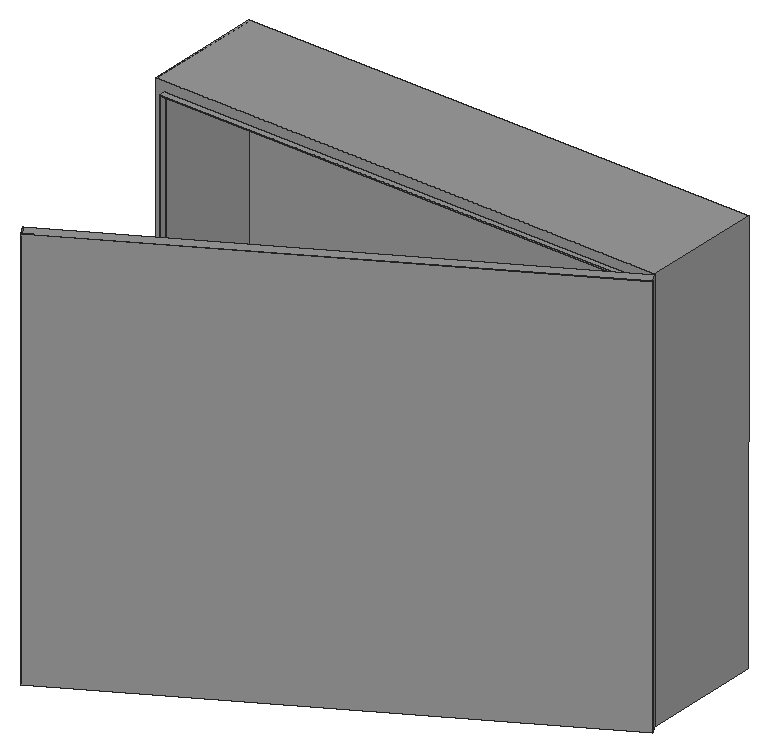
Revit family "Hager-Univers-IP44-D205-H650-Cl.I-Encl-NoHosted-CH-fr", category Electrical Equipment, Revit 2020
Family settings
  Panel Configuration = Two Columns, Circuits Across
  Round Connector Dimension = Use Diameter
  Part Type = Panelboard
  Work Plane-Based = Yes
  Always vertical = Yes
  Cut with Voids When Loaded = No
  Shared = No
  Room Calculation Point = No
Parameters (values of type "saillie IP44 L800 H650 P205  - FP43TN2")
  Width Control [instance] = if([EF000008 - largeur] > Min Width, [EF000008 - largeur], Min Width)  # 800 mm
  Type Comments = [HG000003 - Gamme]  # "Univers"
  Thickness Door [instance] = if([EF009171 - épaisseur de matériau de la porte/du couvercle] > 3 mm, 3 mm, [EF009171 - épaisseur de matériau de la porte/du couvercle])  # 1 mm
  Seal Frame Offset [instance] = 17 mm  # constant formula
  Plinth Visibility [instance] = [HG000027 - Hauteur du socle] > 0 mm  # no
  Min Width [instance] = 100 mm  # constant formula
  Min Depth [instance] = (2 * [EF009170 - épaisseur de matériau du boîtier]) + 1 mm  # 3 mm
  Min Height [instance] = 100 mm  # constant formula
  Internal Frame Depth [instance] = (Door System Depth * 0.5)  # 9 mm
  Panel Name [instance] = ""  # (empty or 0)
  Model = ""
  HG000027 - Hauteur du socle = 0 mm
  HG000026 - Installation au sol = no
  HG000024 - Hauteur de la section basse = 600 mm
  HG000023 - Armoire double section = no
  HG000016 - Visibilité de la porte 3D [instance] = yes
  HG000015 - Visibilité de l'emprise de la porte [instance] = no
  HG000014 - Porte à droite [instance] = yes
  HG000013 - Porte à gauche [instance] = not([HG000014 - Porte à droite])  # no
  HG000012 - Angle de pivotement de la porte [instance] = 30.00°
  HG000010 - Portes asymétriques = no
  HG000009 - Porte à double battant = no
  HG000006 - Encastré = no
  HG000004 - Référence fabricant = "FP43TN2"
  HG000003 - Gamme = "Univers"
  HG000002 - avec porte = yes
  Frame Offset Bottom [instance] = 10 mm  # constant formula
  Frame Offset [instance] = 15 mm  # constant formula
  EF015940 - couvercle avec décharge de pression = no
  EF011959 - degré de protection (NEMA) = ""
  EF009554 - nombre d'ouvertures pour plaques à bride = 6
  EF009212 - finition du couvercle = "EV000116 - fermé"
  EF009171 - épaisseur de matériau de la porte/du couvercle = 1 mm
  EF009170 - épaisseur de matériau du boîtier = 1 mm
  EF008873 - courant nominal (In) = 250 A
  EF007800 - adapté à un parafoudre = no
  EF006306 - avec serrure = no
  EF006244 - couvercle/porte transparent(e) = no
  EF005474 - indice de protection (IP) = "EV006418 - IP44"
  EF004464 - type de porte = "EV002646 - unique"
  EF004427 - nombre de modules = 144
  EF004293 - indice de protection contre les chocs (IK) = "EV006815 - IK09"
  EF003532 - convient pour utilisation à l’extérieur = no
  EF002950 - largeur en nombre de modules = 36
  EF001613 - maintien de fonction = "EV000494 - sans"
  EF001596 - matériau du boîtier/corps = "EV000179 - acier"
  EF001131 - profondeur intérieure = 205 mm
  EF001088 - possibilité de montage en saillie = yes
  EF000437 - nombre d'entrées de conduit = 6
  EF000339 - type de capot = "EV001012 - couvercle"
  EF000266 - nombre de rangées = 4
  EF000218 - profondeur d'encastrement = 205 mm
  EF000118 - avec cadre/support de montage = no
  EF000116 - numéro RAL = "9010"
  EF000049 - profondeur = 205 mm
  EF000040 - hauteur = 650 mm
  EF000008 - largeur = 800 mm
  EF000007 - couleur = "EV000202 - blanc"
  EF000003 - mode de pose = "EV000384 - saillie"
  Door System Leaf Tolerance [instance] = 1.5 mm  # constant formula
  Door System Depth [instance] = 18 mm  # constant formula
  Door Height [instance] = Height Control - [HG000027 - Hauteur du socle]  # 650 mm
  Description = ""
  Default Elevation = 1219.2 mm
  Connector Offset [instance] = Height Control / 2  # 325 mm
  Manufacturer = "Hager"  # constant formula
  Height Control [instance] = if([EF000040 - hauteur] > Min Height, [EF000040 - hauteur], Min Height)  # 650 mm
  Depth Control [instance] = if([EF000049 - profondeur] > Min Depth, [EF000049 - profondeur], Min Depth)  # 205 mm
  Bottom Top Plate Trim [instance] = 1.5 mm  # constant formula
  Plinth height Ctrl [instance] = if([HG000027 - Hauteur du socle] > 0 mm, [HG000027 - Hauteur du socle], 12 mm)  # 12 mm
Types (9, lengths in mm): name | Width Control | HG000010 - Portes asymétriques | HG000009 - Porte à double battant | HG000004 - Référence fabricant | EF009554 - nombre d'ouvertures pour plaques à bride | EF004464 - type de porte | EF004427 - nombre de modules | EF002950 - largeur en nombre de modules | EF000437 - nombre d'entrées de conduit | EF000218 - profondeur d'encastrement | EF000008 - largeur
  saillie IP44 L1050 H650 P205  - FP44QT | 1050 | no | no | "FP44QT" | 8 | "EV003602 - double" | 192 | 48 | 8 | 0 | 1050
  saillie IP44 L1050 H650 P205  - FP44TN2 | 1050 | no | yes | "FP44TN2" | 8 | "EV003602 - double" | 192 | 48 | 8 | 205 | 1050
  saillie IP44 L1300 H650 P205  - FP45TN2 | 1300 | yes | yes | "FP45TN2" | 10 | "EV003602 - double" | 240 | 60 | 10 | 205 | 1300
  saillie IP44 L300 H650 P205  - FP41QT | 300 | no | no | "FP41QT" | 2 | "EV002646 - unique" | 48 | 12 | 2 | 0 | 300
  saillie IP44 L300 H650 P205  - FP41TN2 | 300 | no | no | "FP41TN2" | 2 | "EV002646 - unique" | 48 | 12 | 2 | 205 | 300
  saillie IP44 L550 H650 P205  - FP42QT | 550 | no | no | "FP42QT" | 4 | "EV002646 - unique" | 96 | 24 | 4 | 0 | 550
  saillie IP44 L550 H650 P205  - FP42TN2 | 550 | no | no | "FP42TN2" | 4 | "EV002646 - unique" | 96 | 24 | 4 | 205 | 550
  saillie IP44 L800 H650 P205  - FP43QT | 800 | no | no | "FP43QT" | 6 | "EV002646 - unique" | 144 | 36 | 6 | 0 | 800
  saillie IP44 L800 H650 P205  - FP43TN2 | 800 | no | no | "FP43TN2" | 6 | "EV002646 - unique" | 144 | 36 | 6 | 205 | 800
Reference planes
  plane 1 "Center (Front/Back)": y = 0
  plane 2: z = 0
  plane 3 "Center (Left/Right)": x = 0
  plane 4: y = 0
  plane 5: y = 0
  plane 6: z = 0
  plane 7: x = -400
  plane 8: x = 400
  plane 9: x = 399
  plane 10: x = -399
  plane 11: z = 0
  plane 12: z = 1
  plane 13: y = -205
  plane 14: y = -1
  plane 15: x = 0
  plane 16: y = -187
  plane 17: y = -204
  plane 18: y = -186
  plane 19: x = -384
  plane 20: x = 384
  plane 21: z = 11
  plane 22: x = -383
  plane 23: x = 383
  plane 24: z = 0
  plane 25: z = 650
  plane 26: z = 650
  plane 27: z = 634
  plane 28: z = 649
Forms (mm)
  Extrusion 1, solid, material "Hager_Steel_RAL7035_Light_Grey", detail levels medium+fine
    sketch origin (-208.679, -4572, 0) x (-1, 0, 0) y (0, -1, 0)
      loop
        line (191.321, -4385) -> (-608.679, -4385) -> (-608.679, -4572) -> (191.321, -4572) -> (191.321, -4385)
    from 0 to 650
  Extrusion 2, void
    sketch origin (-350.771, -205, 1219.2) x (1, 0, 0) y (0, 0, 1)
      loop
        line (-48.229, -570.2) -> (-48.229, -1218.2) -> (749.771, -1218.2) -> (749.771, -570.2) -> (-48.229, -570.2)
    from -19 to -204
  Extrusion 3, void
    sketch origin (-290.084, -187, 1219.2) x (1, 0, 0) y (0, 0, 1)
      loop
        line (-93.916, -1208.2) -> (674.084, -1208.2) -> (674.084, -585.2) -> (-93.916, -585.2) -> (-93.916, -1208.2)
    from 0 to -1
  Extrusion 4, solid, material "Hager_Steel_RAL7035_Light_Grey", visible <- "Plinth Visibility", detail levels medium+fine
    sketch origin (0, 0, 0) x (1, 0, 0) y (0, 1, 0)
      loop
        line (-400, 0) -> (-400, -187) -> (400, -187) -> (400, 0) -> (-400, 0)
    from 0 to 12 <- "Plinth height Ctrl"
  Extrusion 5, solid, material "Hager_Steel_RAL7035_Light_Grey", detail levels coarse
    sketch origin (0, 0, 0) x (1, 0, 0) y (0, 1, 0)
      loop
        line (-400, 0) -> (-400, -205) -> (400, -205) -> (400, 0) -> (-400, 0)
    from 0 to 650 <- "Height Control"
  Sweep 6, void
    path in 3D
      loop
        line (-400, -187, 12) -> (400, -187, 12) -> (400, 0, 12) -> (-400, 0, 12) -> (-400, -187, 12)
    profile origin (-400, -93.5, 12) x (1, 0, 0) y (0, 0, 1)
      loop
        line (0, 0) -> (0, -1.5) -> (1.5, -1.5)
        arc (1.5, -1.5) -> (1.061, -0.439) -> (0, 0) r 1.5
  Extrusion 7, solid, material "Hager_Steel_RAL7035_Light_Grey", detail levels fine
    sketch origin (-400, -187, 0) x (1, 0, 0) y (0, 0, 1)
      loop
        line (16, 11) -> (784, 11) -> (784, 634) -> (16, 634) -> (16, 11)
      loop
        line (15, 10) -> (785, 10) -> (785, 635) -> (15, 635) -> (15, 10)
    from 0 to 9 <- "Internal Frame Depth"
Cuts and joins
  Extrusion 2, Extrusion 3 cuts Extrusion 1
  Sweep 6 cuts Extrusion 4
Lines and regions (mm)
  Masking region 1
    outline origin (0, 0, 0) x (1, 0, 0) y (0, 1, 0)
      loop
        line (-400, 0) -> (-400, -205) -> (400, -205) -> (400, 0) -> (-400, 0)
  Masking region 2, detail levels coarse
    outline origin (-290.084, -187, 1219.2) x (-1, 0, 0) y (0, 0, 1)
      loop
        line (-690.084, -1219.2) -> (109.916, -1219.2) -> (109.916, -569.2) -> (-690.084, -569.2) -> (-690.084, -1219.2)
  Masking region 3, detail levels coarse
    outline origin (0, 0, 0) x (0, 1, 0) y (0, 0, 1)
      loop
        line (0, 0) -> (0, 650) -> (-205, 650) -> (-205, 0) -> (0, 0)
  Masking region 4, visible <- "Plinth Visibility", detail levels medium+fine
    outline origin (0, 0, 0) x (0, 1, 0) y (0, 0, 1)
      loop
        line (-1.5, 12) -> (-185.5, 12)
        arc (-185.5, 12) -> (-185.939, 10.939) -> (-187, 10.5) r 1.5
        line (-187, 10.5) -> (-187, 0) -> (0, 0) -> (0, 10.5)
        arc (0, 10.5) -> (-1.061, 10.939) -> (-1.5, 12) r 1.5
  Masking region 5, detail levels medium+fine
    outline origin (0, 0, 594.038) x (0, 1, 0) y (0, 0, 1)
      loop
        line (0, -594.038) -> (0, 55.962) -> (-187, 55.962) -> (-187, -594.038) -> (0, -594.038)
  Masking region 6, detail levels medium+fine
    outline origin (-359.7, -187, 1211.883) x (-1, 0, 0) y (0, 0, 1)
      loop
        line (-759.7, -1211.883) -> (40.3, -1211.883) -> (40.3, -561.883) -> (-759.7, -561.883) -> (-759.7, -1211.883)
  Masking region 7, visible <- "Plinth Visibility", detail levels medium+fine
    outline origin (-320.334, -187, 1041.368) x (-1, 0, 0) y (0, 0, 1)
      loop
        line (-720.334, -1041.368) -> (79.666, -1041.368) -> (79.666, -1030.868)
        arc (79.666, -1030.868) -> (78.606, -1030.429) -> (78.166, -1029.368) r 1.5
        line (78.166, -1029.368) -> (-718.834, -1029.368)
        arc (-718.834, -1029.368) -> (-719.273, -1030.429) -> (-720.334, -1030.868) r 1.5
        line (-720.334, -1030.868) -> (-720.334, -1041.368)
  sketch lines
    curve 1: line (-400, 0, 12) -> (-400, -187, 12)
    curve 2: line (-400, -187, 12) -> (400, -187, 12)
    curve 3: line (400, 0, 12) -> (-400, 0, 12)
    curve 4: line (400, -187, 12) -> (400, 0, 12)
Dimensions and locks
  locked: plane 1 "Center (Front/Back)" to plane 5
  "EF009170 - épaisseur de matériau du boîtier": plane 7 to plane 10
  "EF009170 - épaisseur de matériau du boîtier": plane 8 to plane 9
  equal spacing: plane 7, plane 3 "Center (Left/Right)", plane 8
  "Width Control": plane 7 to plane 8
  "Depth Control": plane 4 to plane 13
  "EF009170 - épaisseur de matériau du boîtier": plane 4 to plane 14
  "Height Control": plane 25 to level
  "HG000027 - Hauteur du socle": plane 11 to level
  "EF009170 - épaisseur de matériau du boîtier": plane 12 to plane 11
  "EF009170 - épaisseur de matériau du boîtier": plane 17 to plane 13
  "EF009170 - épaisseur de matériau du boîtier": plane 18 to plane 16
  "Frame Offset Bottom": plane 21 to plane 12
  "Frame Offset": plane 10 to plane 19
  "Frame Offset": plane 9 to plane 20
  "Door System Depth": plane 16 to plane 13
  "Seal Frame Offset": plane 7 to plane 22
  "Seal Frame Offset": plane 8 to plane 23
  "EF009170 - épaisseur de matériau du boîtier": plane 26 to plane 28
  "Frame Offset": plane 28 to plane 27
  "Connector Offset": plane 2 to connector elem
  "Bottom Top Plate Trim": profile plane to Sweep 6 sketch curve
  "Bottom Top Plate Trim": Sweep 6 sketch curve to Sweep 6 sketch curve
  "Plinth height Ctrl": Masking region 4 sketch curve to level
  "Plinth height Ctrl": Masking region 7 sketch curve to level
  "Thickness Door": Extrusion 7 sketch curve to Extrusion 7 sketch curve  (x4)
  "Bottom Top Plate Trim": radius of Sweep 6 sketch curve
  "Bottom Top Plate Trim": radius of Masking region 4 sketch curve  (x2)
  "Bottom Top Plate Trim": radius of Masking region 7 sketch curve  (x2)
  aligned and locked: Extrusion 2 sketch curve to plane 12
  aligned and locked: Extrusion 2 sketch curve to plane 9
  aligned and locked: Extrusion 2 sketch curve to plane 10
  aligned and locked: Extrusion 2 to plane 14
  aligned and locked: Extrusion 1 sketch curve to plane 4
  aligned and locked: plane 8 to Extrusion 1 sketch curve
  aligned and locked: plane 7 to Extrusion 1 sketch curve
  aligned and locked: Extrusion 2 to plane 18
  aligned and locked: Extrusion 3 sketch curve to plane 19
  aligned and locked: plane 20 to Extrusion 3 sketch curve
  aligned and locked: Extrusion 3 to Extrusion 2
  aligned and locked: Extrusion 3 sketch curve to plane 21
  aligned and locked: plane 3 "Center (Left/Right)" to nested 1
  aligned and locked: Extrusion 1 sketch curve to plane 16
  aligned and locked: Extrusion 4 sketch curve to cut or joined group of Extrusion 1, Extrusion 2, Extrusion 3
  aligned and locked: Masking region 1 sketch curve to plane 7
  aligned and locked: Masking region 1 sketch curve to plane 5
  aligned and locked: Masking region 1 sketch curve to plane 8
  aligned and locked: Masking region 2 sketch curve to level
  aligned and locked: level to Masking region 3 sketch curve
  aligned and locked: plane 1 "Center (Front/Back)" to Masking region 3 sketch curve
  aligned and locked: plane 13 to Masking region 3 sketch curve
  aligned and locked: plane 5 to Masking region 4 sketch curve
  aligned and locked: Masking region 2 sketch curve to plane 8
  aligned and locked: Masking region 2 sketch curve to plane 7
  aligned and locked: plane 7 to nested 2
  aligned and locked: nested 2 to plane 5
  aligned and locked: plane 5 to Masking region 5 sketch curve
  aligned and locked: plane 26 to Masking region 5 sketch curve
  aligned and locked: Extrusion 5 sketch curve to plane 8
  aligned and locked: Extrusion 5 sketch curve to plane 7
  aligned and locked: Extrusion 5 sketch curve to plane 5
  aligned and locked: Extrusion 3 sketch curve to plane 27
  aligned and locked: Extrusion 2 sketch curve to plane 28
  aligned and locked: Masking region 2 to plane 25
  aligned and locked: Extrusion 4 to plane 16
  aligned and locked: profile plane to Sweep 6 sketch curve
  aligned and locked: Masking region 5 sketch curve to plane 24
  aligned and locked: level to Masking region 4 sketch curve
  aligned and locked: Masking region 1 to plane 13
  aligned and locked: nested 1 to plane 16
  aligned and locked: Masking region 3 to plane 25
  aligned and locked: plane 16 to Masking region 4 sketch curve
  aligned and locked: Masking region 5 sketch curve to plane 16
  aligned and locked: plane 24 to plane 11
  aligned and locked: plane 26 to plane 25
  aligned and locked: plane 26 to cut or joined group of Extrusion 1, Extrusion 2, Extrusion 3
  aligned and locked: nested 1 to plane 24
  aligned and locked: Extrusion 1 to Extrusion 3
  aligned and locked: Masking region 6 sketch curve to plane 8
  aligned and locked: Masking region 6 sketch curve to plane 24
  aligned and locked: Masking region 6 sketch curve to plane 7
  aligned and locked: Masking region 6 sketch curve to plane 26
  aligned and locked: Masking region 7 sketch curve to plane 7
  aligned and locked: level to Masking region 7 sketch curve
  aligned and locked: Masking region 7 sketch curve to plane 8
  aligned and locked: Extrusion 7 sketch curve to cut or joined group of Extrusion 1, Extrusion 2, Extrusion 3  (x4)
Automatic sketch dimensions
  plane 19 to Extrusion 3 sketch curve = 0 mm
  Extrusion 3 sketch curve to plane 20 = 0 mm
  Extrusion 3 sketch curve to plane 21 = 0 mm
  Extrusion 4 sketch curve to plane 7 = 0 mm
  Extrusion 4 sketch curve to plane 8 = 0 mm
  Extrusion 4 sketch curve to plane 16 = 0 mm
  Masking region 1 sketch curve to plane 13 = 0 mm
  Masking region 2 sketch curve to plane 25 = 0 mm
  Masking region 3 sketch curve to plane 25 = 0 mm
  Extrusion 5 sketch curve to plane 13 = 0 mm
  profile plane to Sweep 6 sketch curve = 0 mm
Nested families
  nested 1: "EC000058_Univers_Door" at (0, -187, 0), Double <- "HG000009 - Porte à double battant", Transparent <- "EF006244 - couvercle/porte transparent(e)", Angle <- "HG000012 - Angle de pivotement de la porte", Door_Right <- "HG000014 - Porte à droite", Assymetrical <- "HG000010 - Portes asymétriques", Door <- "HG000002 - avec porte", Width_Ctrl <- "Width Control", 3d_Door <- "HG000016 - Visibilité de la porte 3D", Clearance <- "HG000015 - Visibilité de l'emprise de la porte", Door_Left <- "HG000013 - Porte à gauche", Width <- "Width Control", Door_Depth <- "Door System Depth", Leaf_Tolerance <- "Door System Leaf Tolerance", Height <- "Door Height", Lock_Visibility <- "EF006306 - avec serrure", Thickness <- "Thickness Door", type "EC000058_Univers_Door", detail levels medium+fine
    with min_wh 3 mm, Width_Ctrl 800 mm, Width 800 mm, Transparent no, Thickness 1 mm, Seal_Material Hager_Rubber, Lock_Visibility no, Lock_Material Hager_Plastic_RAL9005_Jet_Black, Leaf_Width 800 mm, Leaf_Tolerance_External_Sides 0 mm, Leaf_Tolerance 1.5 mm, Leaf_Offset 0 mm, Leaf_Height 647 mm, Leaf_2_Width 800 mm, Leaf_2_Offset 400 mm, Leaf_1_Width 800 mm, Leaf_1_Offset 400 mm, Height_Ctrl 650 mm, Height 650 mm, Glass_Material Hager_Glass, Double_Clearance_Ctrl no, Double no, Door_Right_Ctrl yes, Door_Right yes, Door_Material Hager_Steel_RAL7035_Light_Grey, Door_Left_Ctrl no, Door_Left no, Door_Depth 18 mm, Door yes, Clearance_Material Hager_Clearance, Clearance_Depth 800 mm, Clearance_Ctrl no, Clearance no, Assymetrical no, Angle 30.00°, 3d_Door yes
  nested 2: "Hager_Enclosure_Symbol" at (-400, 0, 0), Height <- "Depth Control", Width <- "Width Control", type "Hager_Enclosure_Symbol"
    with Width_Ctrl 800 mm, Width 800 mm, Height_Ctrl 205 mm, Height 205 mm, A_Width_Int 13.453 mm, A_Width 161.438 mm, A_Height_Ctrl 179.375 mm, A_Height 179.375 mm
Connectors
  electrical at (0, 0, 325)
    settings: on plane 1 "Center (Front/Back)", index 1, voltage 0 V, apparent load 0 VA, apparent load phase1 0 VA, apparent load phase2 0 VA, apparent load phase3 0 VA, power factor 1, load classification "Other", number of poles 1, system type 30, power factor state 1, is connector primary yes, connector utility no, sub classification motor no, connector description ""
Definition of nested family "EC000058_Univers_Door"
  Parameters (values of type "EC000058_Univers_Door")
    min_wh [instance] = (2 * Thickness) + 1 mm  # 11 mm
    Width_Ctrl [instance] = 400 mm
    Width [instance] = 500 mm
    Transparent [instance] = yes
    Thickness [instance] = 5 mm
    Seal_Material [instance] = none
    Lock_Visibility [instance] = yes
    Lock_Material [instance] = none
    Leaf_Width [instance] = if((Width_Ctrl - 2 * Leaf_Tolerance_External_Sides) > 0 mm, (Width_Ctrl - 2 * Leaf_Tolerance_External_Sides), min_wh)  # 400 mm
    Leaf_Tolerance_External_Sides [instance] = 0 mm  # constant formula
    Leaf_Tolerance [instance] = 1.5 mm
    Leaf_Offset [instance] = 0 mm  # constant formula
    Leaf_Height [instance] = if((Height_Ctrl - 2 * Leaf_Tolerance) > 0 mm, (Height_Ctrl - 2 * Leaf_Tolerance), min_wh)  # 497 mm
    Leaf_2_Width [instance] = if(and(and(Double, Assymetrical), Door_Left), (Leaf_Width / 3) - (Leaf_Tolerance / 2), if(and(and(Double, Assymetrical), Door_Right), (Leaf_Width / 3) * 2 - (Leaf_Tolerance / 2), if(and(Double, not(Assymetrical)), (Leaf_Width / 2) - Leaf_Tolerance, Leaf_Width)))  # 400 mm
    Leaf_2_Offset [instance] = if(and(Double, Assymetrical), Leaf_2_Width / 2, if(and(Double, not(Assymetrical)), Leaf_Width / 4, Leaf_Width / 2))  # 200 mm
    Leaf_1_Width [instance] = if(and(and(Double, Assymetrical), Door_Right), (Leaf_Width / 3) - (Leaf_Tolerance / 2), if(and(and(Double, Assymetrical), Door_Left), (Width / 3) * 2 - (Leaf_Tolerance / 2), if(and(Double, not(Assymetrical)), (Leaf_Width / 2) - Leaf_Tolerance, Leaf_Width)))  # 400 mm
    Leaf_1_Offset [instance] = if(and(Double, Assymetrical), Leaf_1_Width / 2, if(and(Double, not(Assymetrical)), Leaf_Width / 4, Leaf_Width / 2))  # 200 mm
    Height_Ctrl [instance] = if(Height > min_wh, Height, min_wh)  # 500 mm
    Height [instance] = 500 mm
    Glass_Material [instance] = none
    Double_Clearance_Ctrl [instance] = and(Double, Clearance)  # no
    Double [instance] = no
    Door_Right_Ctrl [instance] = and(or(Door_Right, Double), Door)  # yes
    Door_Right [instance] = yes
    Door_Material [instance] = none
    Door_Left_Ctrl [instance] = and(or(Door_Left, Double), Door)  # no
    Door_Left [instance] = no
    Door_Depth [instance] = 30 mm
    Door [instance] = yes
    Default Elevation = 1219.2 mm
    Clearance_Material [instance] = none
    Clearance_Depth [instance] = if(Leaf_1_Width > Leaf_2_Width, Leaf_1_Width, Leaf_2_Width)  # 400 mm
    Clearance_Ctrl [instance] = and(not(Double), Clearance)  # yes
    Clearance [instance] = yes
    Assymetrical [instance] = yes
    Angle [instance] = 30.00°
    3d_Door [instance] = yes
  Reference planes
    plane 1 "Center (Front/Back)": y = 0
    plane 2 "Bottom": z = 0
    plane 3 "Center (Left/Right)": x = 0
    plane 4: z = 500
    plane 5: x = -200
    plane 6: x = 200
    plane 7: z = 500
    plane 8: x = -200
    plane 9: z = 0
    plane 10: x = 200
    plane 11: y = 0
    plane 12: z = 1.5
    plane 13: x = -600
    plane 14: y = -400
    plane 15: x = 600
    plane 16: x = 0
    plane 17: x = 0
    plane 18: x = -200
    plane 19: x = 200
    plane 20: z = 498.5
  Forms (mm)
    Extrusion 1, solid, material <- "Clearance_Material", visible <- "Double_Clearance_Ctrl"
      sketch origin (1200, 0, 0) x (1, 0, 0) y (0, 0, -1)
        loop
          line (-1800, -498.5) -> (-600, -498.5) -> (-600, 0) -> (-1800, 0) -> (-1800, -498.5)
      from 0 to -400
  Dimensions and locks
    equal spacing: plane 5, plane 3 "Center (Left/Right)", plane 6
    "Width_Ctrl": plane 5 to plane 6
    "Leaf_Offset": plane 5 to plane 8
    "Leaf_Offset": plane 6 to plane 10
    "Leaf_Offset": plane 9 to level
    "Leaf_Offset": plane 4 to plane 7
    "Height_Ctrl": plane 4 to level
    "Leaf_Tolerance": plane 12 to plane 9
    locked: plane 11 to plane 1 "Center (Front/Back)"
    "Leaf_1_Offset": plane 18 to plane 16
    "Leaf_2_Offset": plane 17 to plane 19
    "Leaf_1_Width": plane 13 to plane 8
    "Leaf_2_Width": plane 10 to plane 15
    "Clearance_Depth": plane 14 to plane 1 "Center (Front/Back)"
    "Leaf_Tolerance_External_Sides": plane 8 to plane 18
    "Leaf_Tolerance_External_Sides": plane 19 to plane 10
    "Leaf_Tolerance": plane 7 to plane 20
    aligned and locked: level to plane 2 "Bottom"
    aligned and locked: nested 1 to plane 16
    aligned and locked: nested 2 to plane 17
    aligned and locked: Extrusion 1 to plane 13
    aligned and locked: plane 15 to Extrusion 1
    aligned and locked: Extrusion 1 to plane 14
    aligned and locked: plane 12 to nested 1
    aligned and locked: nested 2 to plane 12
    aligned and locked: Extrusion 1 to plane 11
    aligned and locked: plane 20 to Extrusion 1
    aligned and locked: nested 2 to plane 11
    aligned and locked: nested 1 to plane 11
  Automatic sketch dimensions
    Extrusion 1 sketch curve to level = 0 mm
    plane 5 to Extrusion 1 sketch curve = 400 mm
    plane 6 to Extrusion 1 sketch curve = 400 mm
    Extrusion 1 sketch curve to plane 4 = 1.5 mm
  Nested families
    nested 1: "EC000058_Univers_Door_Leaf" at (0, 0, 1.5), Width <- "Leaf_1_Width", visible <- "Door_Left_Ctrl", Leaf_Height <- "Leaf_Height", Angle <- "Angle", 3d_Door <- "3d_Door", Transparent <- "Transparent", Clearance Material <- "Clearance_Material", Clearance <- "Clearance_Ctrl", Door_Material <- "Door_Material", Glass_Material <- "Glass_Material", Door_Depth <- "Door_Depth", Lock_Material <- "Lock_Material", Seal_Material <- "Seal_Material", Lock_Visibility <- "Lock_Visibility", Thickness <- "Thickness", type "EC000058_Univers_Door_Leaf"
      with Width 400 mm, Transparent_Glass_Offset 30 mm, Transparent_Ctrl yes, Transparent yes, Thickness 5 mm, Standard no, Seal_Material none, Seal_D2 8 mm, Seal_D1 1 mm, Offset_Internal_Frame 10 mm, Lock_Width 20 mm, Lock_Visibility_3d yes, Lock_Visibility yes, Lock_Thickness_3 3 mm, Lock_Thickness_2 1 mm, Lock_Thickness_1 3 mm, Lock_Radius_Offset_2 16 mm, Lock_Radius_Offset_1 15 mm, Lock_Radius_2 5 mm, Lock_Radius 6 mm, Lock_Offset 5 mm, Lock_Material none, Lock_Height 80 mm, Lock_Cover_Top_Offset_2d 17 mm, Lock_Cover_Height -65 mm, Leaf_Height 497 mm, Internal_Seal_Thickness 8 mm, Internal_Seal_Depth_2 4.5 mm, Internal_Frame_Depth 25 mm, Glass_Thickness -1 mm, Glass_Offset -2 mm, Glass_Material none, Door_Material none, Door_Depth 30 mm, Clearance Material none, Clearance yes, Angle_Ctrl 30.00°, Angle 30.00°, 3d_Door yes
    nested 2: "EC000058_Univers_Door_Leaf" at (0, 0, 1.5) x (-1, 0, 0) z (0, 0, 1), Width <- "Leaf_2_Width", visible <- "Door_Right_Ctrl", Leaf_Height <- "Leaf_Height", Angle <- "Angle", 3d_Door <- "3d_Door", Transparent <- "Transparent", Clearance Material <- "Clearance_Material", Clearance <- "Clearance_Ctrl", Door_Material <- "Door_Material", Glass_Material <- "Glass_Material", Door_Depth <- "Door_Depth", Lock_Material <- "Lock_Material", Seal_Material <- "Seal_Material", Lock_Visibility <- "Lock_Visibility", Thickness <- "Thickness", type "EC000058_Univers_Door_Leaf"
      with Width 400 mm, Transparent_Glass_Offset 30 mm, Transparent_Ctrl yes, Transparent yes, Thickness 5 mm, Standard no, Seal_Material none, Seal_D2 8 mm, Seal_D1 1 mm, Offset_Internal_Frame 10 mm, Lock_Width 20 mm, Lock_Visibility_3d yes, Lock_Visibility yes, Lock_Thickness_3 3 mm, Lock_Thickness_2 1 mm, Lock_Thickness_1 3 mm, Lock_Radius_Offset_2 16 mm, Lock_Radius_Offset_1 15 mm, Lock_Radius_2 5 mm, Lock_Radius 6 mm, Lock_Offset 5 mm, Lock_Material none, Lock_Height 80 mm, Lock_Cover_Top_Offset_2d 17 mm, Lock_Cover_Height -65 mm, Leaf_Height 497 mm, Internal_Seal_Thickness 8 mm, Internal_Seal_Depth_2 4.5 mm, Internal_Frame_Depth 25 mm, Glass_Thickness -1 mm, Glass_Offset -2 mm, Glass_Material none, Door_Material none, Door_Depth 30 mm, Clearance Material none, Clearance yes, Angle_Ctrl 30.00°, Angle 30.00°, 3d_Door yes
  Definition of nested family "EC000058_Univers_Door_Leaf"
    Parameters (values of type "EC000058_Univers_Door_Leaf")
      Width [instance] = 2000 mm
      Transparent_Glass_Offset [instance] = 30 mm
      Transparent_Ctrl [instance] = and(Transparent, [3d_Door])  # yes
      Transparent [instance] = yes
      Thickness [instance] = 5 mm
      Standard [instance] = and(not(Transparent), [3d_Door])  # no
      Seal_Material [instance] = none
      Seal_D2 [instance] = 8 mm  # constant formula
      Seal_D1 [instance] = 1 mm  # constant formula
      Offset_Internal_Frame [instance] = 10 mm  # constant formula
      Lock_Width [instance] = 20 mm  # constant formula
      Lock_Visibility_3d [instance] = and(Lock_Visibility, [3d_Door])  # yes
      Lock_Visibility [instance] = yes
      Lock_Thickness_3 [instance] = 3 mm  # constant formula
      Lock_Thickness_2 [instance] = 1 mm  # constant formula
      Lock_Thickness_1 [instance] = 3 mm  # constant formula
      Lock_Radius_Offset_2 [instance] = Lock_Radius_Offset_1 + 1 mm  # 16 mm
      Lock_Radius_Offset_1 [instance] = 15 mm  # constant formula
      Lock_Radius_2 [instance] = Lock_Radius - 1 mm  # 5 mm
      Lock_Radius [instance] = 6 mm  # constant formula
      Lock_Offset [instance] = 5 mm  # constant formula
      Lock_Material [instance] = none
      Lock_Height [instance] = 80 mm  # constant formula
      Lock_Cover_Top_Offset_2d [instance] = Lock_Radius_Offset_2 + 1 mm  # 17 mm
      Lock_Cover_Height [instance] = -(Lock_Height - Lock_Radius_Offset_1)  # -65 mm
      Leaf_Height [instance] = 2720.336 mm
      Internal_Seal_Thickness [instance] = 8 mm  # constant formula
      Internal_Seal_Depth_2 [instance] = 4.5 mm  # constant formula
      Internal_Frame_Depth [instance] = if(Door_Depth - Thickness > 5 mm, Door_Depth - Thickness, 5 mm)  # 25 mm
      Glass_Thickness [instance] = if(Thickness > 15 mm, Glass_Offset + 10 mm, -1 mm)  # -1 mm
      Glass_Offset [instance] = if(Thickness > 15 mm, -(Thickness + 10 mm) / 2, -2 mm)  # -2 mm
      Glass_Material [instance] = none
      Door_Material [instance] = none
      Door_Depth [instance] = 30 mm
      Default Elevation = 0 mm
      Clearance Material [instance] = none
      Clearance [instance] = yes
      Angle_Ctrl [instance] = if(Angle > 180.00°, 180.00°, Angle)  # 90.00°
      Angle [instance] = 90.00°
      3d_Door [instance] = yes
    Reference planes
      plane 1 "Center (Front/Back)": y = 0
      plane 2: z = 0
      plane 3 "Center (Left/Right)": x = 0
      plane 4: y = 2000
      plane 5: x = -1000
      plane 6: x = 1000
      plane 7: x = -3000
      plane 8: z = 2720.336
      plane 9: z = 30
      plane 10: z = 2690.336
      plane 11: x = 970
      plane 12: x = -970
      plane 13: y = -3
      plane 14: z = 107.833
      plane 15: y = -5
      plane 16: y = -223.314
      plane 17: x = -1000
      plane 18: z = 1360.168
      plane 19: y = 30
    Forms (mm)
      Extrusion 1, solid, material <- "Clearance Material", visible <- "Clearance"
        sketch origin (0, 0, 0) x (1, 0, 0) y (0, 0, 1)
          loop
            line (-3000, 2720.336) -> (-3000, 0) -> (1000, 0) -> (1000, 2720.336) -> (-3000, 2720.336)
        from 0 to -2000
      Extrusion 2, solid, material <- "Door_Material", visible <- "Standard", detail levels medium+fine
        sketch origin (-1000, 0, 0) x (0, 1, 0) y (-1, 0, 0)
          loop
            line (0, 30) -> (0, 25) -> (2000, 25) -> (2000, 30) -> (0, 30)
        from 0 to 2720.336 <- "Leaf_Height"
      Extrusion 3, solid, material <- "Door_Material", visible <- "Transparent_Ctrl", detail levels medium+fine
        sketch origin (-1000, 0, 0) x (0, 1, 0) y (-1, 0, 0)
          loop
            line (0, 25) -> (2000, 25) -> (2000, 30) -> (0, 30) -> (0, 25)
        from 0 to 2720.336 <- "Leaf_Height"
      Extrusion 4, void
        sketch origin (-1025, 2000, 0) x (0, 1, 0) y (0, 0, -1)
          loop
            line (-30, -2690.336) -> (-30, -30) -> (-1970, -30) -> (-1970, -2690.336) -> (-30, -2690.336)
        from 0 to 5 <- "Thickness"
      Sweep 5, solid, material <- "Seal_Material", visible <- "Transparent_Ctrl", detail levels fine
        path in 3D
          loop
            line (-1025, 30, 30) -> (-1025, 30, 2690.336) -> (-1025, 1970, 2690.336) -> (-1025, 1970, 30) -> (-1025, 30, 30)
        profile origin (-1025, 1000, 30) x (1, 0, 0) y (0, 0, 1)
          loop
            line (0, 0) -> (0, -8) -> (1, -8) -> (1, 0) -> (0, 0)
      Extrusion 6, solid, material <- "Glass_Material", visible <- "Transparent_Ctrl", detail levels medium+fine
        sketch origin (-1030, 0, 0) x (0, 1, 0) y (0, 0, -1)
          loop
            line (1970, -2690.336) -> (1970, -30) -> (30, -30) -> (30, -2690.336) -> (1970, -2690.336)
        from -2 <- "Glass_Offset" to -1 <- "Glass_Thickness"
      Extrusion 7, solid, material <- "Door_Material", visible <- "3d_Door", detail levels medium+fine
        sketch origin (-1025, 2000, 0) x (0, -1, 0) y (0, 0, -1)
          loop
            line (0, -2720.336) -> (2000, -2720.336) -> (2000, 0) -> (0, 0) -> (0, -2720.336)
          loop
            line (1995, -5) -> (5, -5) -> (5, -2715.336) -> (1995, -2715.336) -> (1995, -5)
        from 0 to 25 <- "Internal_Frame_Depth"
      Sweep 8, solid, material <- "Seal_Material", visible <- "Transparent_Ctrl", detail levels fine
        path in 3D
          loop
            line (-1025, 0, 0) -> (-1025, 2000, 0) -> (-1025, 2000, 2720.336) -> (-1025, 0, 2720.336) -> (-1025, 0, 0)
        profile origin (-1025, 0, 1360.168) x (1, 0, 0) y (0, 1, 0)
          loop
            line (0, 10) -> (2.975, 10)
            arc (2.975, 10) -> (4.053, 10.447) -> (4.5, 11.525) r 1.525
            line (4.5, 11.525) -> (4.5, 16.527)
            arc (4.5, 16.527) -> (4.069, 17.569) -> (3.027, 18) r 1.473
            line (3.027, 18) -> (0, 18) -> (0, 10)
      Extrusion 9, solid, material <- "Lock_Material", visible <- "Lock_Visibility_3d", detail levels fine
        sketch origin (-1030, 0, 0) x (0, 1, 0) y (0, 0, -1)
          loop
            arc (1993.5, -1400.168) -> (1994.561, -1399.729) -> (1995, -1398.668) r 1.5
            line (1995, -1398.668) -> (1995, -1320.168) -> (1975, -1320.168) -> (1975, -1398.668)
            arc (1975, -1398.668) -> (1975.439, -1399.729) -> (1976.5, -1400.168) r 1.5
            line (1976.5, -1400.168) -> (1993.5, -1400.168)
        from 3 <- "Lock_Thickness_1" to 0
      Blend 10, solid, material <- "Lock_Material", visible <- "Lock_Visibility_3d", detail levels fine
        base sketch origin (-1033, 0, 0) x (0, 1, 0) y (0, 0, -1)
          loop
            line (1975, -1320.168) -> (1975, -1398.668)
            arc (1975, -1398.668) -> (1975.439, -1399.729) -> (1976.5, -1400.168) r 1.5
            line (1976.5, -1400.168) -> (1993.5, -1400.168)
            arc (1993.5, -1400.168) -> (1994.561, -1399.729) -> (1995, -1398.668) r 1.5
            line (1995, -1398.668) -> (1995, -1320.168) -> (1975, -1320.168)
        top sketch origin (-1033, 0, 0) x (0, 1, 0) y (0, 0, -1)
          loop
            line (1976, -1320.168) -> (1976, -1398.668)
            arc (1976, -1398.668) -> (1976.146, -1399.022) -> (1976.5, -1399.168) r 0.5
            line (1976.5, -1399.168) -> (1993.5, -1399.168)
            arc (1993.5, -1399.168) -> (1993.854, -1399.022) -> (1994, -1398.668) r 0.5
            line (1994, -1398.668) -> (1994, -1320.168) -> (1976, -1320.168)
        from 0 to 1 <- "Lock_Thickness_2"
      Blend 11, solid, material <- "Lock_Material", visible <- "Lock_Visibility_3d", detail levels fine
        base sketch origin (-1034, 0, 0) x (0, 1, 0) y (0, 0, -1)
          loop
            line (1978, -1320.168) -> (1978, -1384.168)
            arc (1978, -1384.168) -> (1985, -1391.168) -> (1992, -1384.168) r 7
            line (1992, -1384.168) -> (1992, -1320.168) -> (1978, -1320.168)
        top sketch origin (-1034, 0, 0) x (0, 1, 0) y (0, 0, -1)
          loop
            line (1991, -1320.168) -> (1979, -1320.168) -> (1979, -1383.168)
            arc (1979, -1383.168) -> (1985, -1389.168) -> (1991, -1383.168) r 6
            line (1991, -1383.168) -> (1991, -1320.168)
        from 0 to 3 <- "Lock_Thickness_3"
      Extrusion 12, solid, material <- "Lock_Material", visible <- "Lock_Visibility_3d", detail levels fine
        sketch origin (-1030, 1975, 1320.168) x (1, 0, 0) y (0, -1, 0)
          loop
            line (-7, -19) -> (-7, -1) -> (0, -1) -> (0, 0) -> (-8, 0) -> (-8, -20) -> (0, -20) -> (0, -19) -> (-7, -19)
        from 0 to -65 <- "Lock_Cover_Height"
      Extrusion 13, void
        sketch origin (-1038, 1995, 1320.168) x (-1, 0, 0) y (0, 0, -1)
          loop
            line (-5, -65) -> (0, -65) -> (-5, -60) -> (-5, -65)
        from 0 to 20 <- "Lock_Width"
      Extrusion 14, void
        sketch origin (-1038, 1975, 1320.168) x (0, -1, 0) y (0, 0, -1)
          loop
            circle (-10, -15.995) r 6
          loop
            circle (-10, -15.995) r 5
        from 0 to 2
      Extrusion 15, solid, material <- "Lock_Material", visible <- "Lock_Visibility_3d", detail levels medium
        sketch origin (-1030, 0, 0) x (0, 1, 0) y (0, 0, -1)
          loop
            arc (1993.5, -1400.168) -> (1994.561, -1399.729) -> (1995, -1398.668) r 1.5
            line (1995, -1398.668) -> (1995, -1320.168) -> (1975, -1320.168) -> (1975, -1398.668)
            arc (1975, -1398.668) -> (1975.439, -1399.729) -> (1976.5, -1400.168) r 1.5
            line (1976.5, -1400.168) -> (1993.5, -1400.168)
        from 8 to 0
    Cuts and joins
      Extrusion 4 cuts Extrusion 3
      Extrusion 13, Extrusion 14 cuts Extrusion 9
      Extrusion 14 cuts Blend 11
      Extrusion 13, Extrusion 14 cuts Extrusion 12
      joined: Extrusion 9, Blend 10, Blend 11, Extrusion 12
      Extrusion 14 cuts Extrusion 15
    Lines and regions (mm)
      Masking region 1, visible <- "Lock_Visibility", detail levels fine
        outline origin (0, 0, 0) x (0, 1, 0) y (0, 0, 1)
          loop
            line (30, 1320.168) -> (33, 1320.168) -> (33, 1400.168) -> (30, 1400.168) -> (30, 1320.168)
      Masking region 2, visible <- "Lock_Visibility", detail levels fine
        outline origin (0, 3.143, 0) x (0, 1, 0) y (0, 0, 1)
          loop
            line (29.857, 1354.168) -> (30.857, 1354.168) -> (30.857, 1366.168) -> (29.857, 1366.168) -> (29.857, 1354.168)
      Masking region 3, detail levels medium+fine
        outline origin (0, 0, 0) x (0, 1, 0) y (0, 0, 1)
          loop
            line (0, 0) -> (30, 0) -> (30, 2720.336) -> (0, 2720.336) -> (0, 0)
      Masking region 4, detail levels medium+fine
        outline origin (0, 0, 0) x (1, 0, 0) y (0, 0, 1)
          loop
            line (-1000, 2720.336) -> (-1000, 0) -> (1000, 0) -> (1000, 2720.336) -> (-1000, 2720.336)
      Masking region 5, visible <- "Lock_Visibility", detail levels fine
        outline origin (-47.116, 0, 0) x (1, 0, 0) y (0, 0, 1)
          loop
            arc (1024.616, 1399.168) -> (1023.556, 1398.729) -> (1023.116, 1397.668) r 1.5
            line (1023.116, 1397.668) -> (1023.116, 1320.168) -> (1041.116, 1320.168) -> (1041.116, 1397.668)
            arc (1041.116, 1397.668) -> (1040.677, 1398.729) -> (1039.616, 1399.168) r 1.5
            line (1039.616, 1399.168) -> (1024.616, 1399.168)
      Masking region 6, visible <- "Lock_Visibility", detail levels medium+fine
        outline origin (-25, 0, 0) x (1, 0, 0) y (0, 0, 1)
          loop
            arc (1001.5, 1400.168) -> (1000.439, 1399.729) -> (1000, 1398.668) r 1.5
            line (1000, 1398.668) -> (1000, 1320.168) -> (1020, 1320.168) -> (1020, 1398.668)
            arc (1020, 1398.668) -> (1019.561, 1399.729) -> (1018.5, 1400.168) r 1.5
            line (1018.5, 1400.168) -> (1001.5, 1400.168)
      Masking region 7, visible <- "Lock_Visibility", detail levels fine
        outline origin (-73.735, 0, 0) x (1, 0, 0) y (0, 0, 1)
          loop
            line (1051.735, 1382.168) -> (1065.735, 1382.168) -> (1065.735, 1384.168)
            arc (1065.735, 1384.168) -> (1058.735, 1391.168) -> (1051.735, 1384.168) r 7
            line (1051.735, 1384.168) -> (1051.735, 1382.168)
      Masking region 8, visible <- "Lock_Visibility", detail levels fine
        outline origin (-73.735, 0, 0) x (1, 0, 0) y (0, 0, 1)
          loop
            line (1052.735, 1382.168) -> (1064.735, 1382.168) -> (1064.735, 1383.168)
            arc (1064.735, 1383.168) -> (1058.735, 1389.168) -> (1052.735, 1383.168) r 6
            line (1052.735, 1383.168) -> (1052.735, 1382.168)
      Masking region 9, visible <- "Lock_Visibility", detail levels fine
        outline origin (-25, 0, 0) x (1, 0, 0) y (0, 0, 1)
          loop
            line (1020, 1320.168) -> (1020, 1382.168) -> (1000, 1382.168) -> (1000, 1320.168) -> (1020, 1320.168)
      Masking region 10, detail levels medium+fine
        outline origin (0, 0, 0) x (1, 0, 0) y (0, 0, 1)
          loop
            circle (985, 1335.144) r 6
      Masking region 11, detail levels fine
        outline origin (0, 0, 0) x (1, 0, 0) y (0, 0, 1)
          loop
            circle (985, 1335.144) r 5
      Masking region 12, visible <- "Lock_Visibility", detail levels fine
        outline origin (0, 12.767, 0) x (0, 1, 0) y (0, 0, 1)
          loop
            line (20.233, 1320.168) -> (21.233, 1320.168) -> (21.233, 1399.168) -> (20.233, 1400.168) -> (20.233, 1320.168)
      Masking region 13, visible <- "Lock_Visibility", detail levels fine
        outline origin (0, 13.767, -10) x (0, 1, 0) y (0, 0, 1)
          loop
            line (20.233, 1330.168) -> (23.233, 1330.168) -> (23.233, 1399.168) -> (20.233, 1402.168) -> (20.233, 1330.168)
      Masking region 14, visible <- "Lock_Visibility", detail levels fine
        outline origin (0, 12.767, -10) x (0, 1, 0) y (0, 0, 1)
          loop
            line (20.233, 1330.168) -> (25.233, 1330.168) -> (25.233, 1399.305) -> (20.233, 1394.305) -> (20.233, 1330.168)
      Masking region 15, visible <- "Lock_Visibility", detail levels medium
        outline origin (0, 0, 0) x (0, 1, 0) y (0, 0, 1)
          loop
            line (30, 1320.168) -> (38, 1320.168) -> (38, 1400.168) -> (30, 1400.168) -> (30, 1320.168)
      Masking region 16, visible <- "Lock_Visibility", detail levels fine
        outline origin (-1000, 0, 0) x (0, 1, 0) y (-1, 0, 0)
          loop
            line (1975, 30) -> (1995, 30) -> (1995, 38) -> (1975, 38) -> (1975, 30)
          loop
            line (1979, 37) -> (1976, 37) -> (1976, 34) -> (1978, 34) -> (1979, 37)
          loop
            line (1994, 37) -> (1991, 37) -> (1992, 34) -> (1994, 34) -> (1994, 37)
      Masking region 17, visible <- "Lock_Visibility", detail levels medium
        outline origin (-1000, 0, 0) x (0, 1, 0) y (-1, 0, 0)
          loop
            line (1975, 30) -> (1995, 30) -> (1995, 38) -> (1975, 38) -> (1975, 30)
      symbolic lines
        curve 1: line (1000, 0, 0) -> (-3000, 0, 0)
        curve 2: arc (1000, 0, 0) -> (-1000, 2000, 0) -> (-3000, 0, 0) r 2000
        curve 4: line (-1030, 0, 0) -> (-1030, 2000, 0)
      reference lines
        curve 3: line (-1000, 0, 0) -> (-1000, 2000, 0)
      symbolic lines, detail levels medium+fine
        curve 5: line (-1030, 2000, 0) -> (-1025, 2000, 0)
        curve 7: line (-1025, 0, 0) -> (-1030, 0, 0)
        curve 8: line (-1025, 0, 0) -> (-1000, 0, 0)
        curve 9: line (-1000, 0, 0) -> (-1000, 2000, 0)
        curve 10: line (-1000, 2000, 0) -> (-1025, 2000, 0)
      symbolic lines, detail levels fine
        curve 6: line (-1025, 2000, 0) -> (-1025, 0, 0)
      sketch lines
        curve 11: line (-1025, 0, 2720.336) -> (-1025, 0, 0)
        curve 12: line (-1025, 2000, 0) -> (-1025, 0, 0)
        curve 13: line (-1025, 2000, 2720.336) -> (-1025, 2000, 0)
        curve 14: line (-1025, 0, 2720.336) -> (-1025, 2000, 2720.336)
        curve 15: line (-1025, 1970, 30) -> (-1025, 30, 30)
        curve 16: line (-1025, 30, 30) -> (-1025, 30, 2690.336)
        curve 17: line (-1025, 1970, 2690.336) -> (-1025, 1970, 30)
        curve 18: line (-1025, 30, 2690.336) -> (-1025, 1970, 2690.336)
      symbolic lines, visible <- "Transparent", detail levels medium+fine
        curve 19: line (-970, 0, 2690.336) -> (970, 0, 2690.336)
        curve 20: line (-970, 0, 30) -> (-970, 0, 2690.336)
        curve 21: line (970, 0, 30) -> (-970, 0, 30)
        curve 22: line (970, 0, 2690.336) -> (970, 0, 30)
    Dimensions and locks
      "Width": plane 1 "Center (Front/Back)" to plane 4
      equal spacing: plane 5, plane 3 "Center (Left/Right)", plane 6
      "Width": plane 5 to plane 6
      "Width": plane 7 to plane 5
      "Leaf_Height": plane 8 to level
      "Width": curve 5 to curve 3
      "Width": curve 3 to curve 3
      plane 8 to plane 10 = 30 mm
      plane 9 to level = 30 mm
      plane 12 to plane 5 = 30 mm
      plane 6 to plane 11 = 30 mm
      Extrusion 1 to Extrusion 4 sketch curve = 30 mm
      "Transparent_Glass_Offset": curve 3 to Extrusion 4 sketch curve
      "Transparent_Glass_Offset": Extrusion 4 sketch curve to cut or joined group of Extrusion 3, Extrusion 4  (x2)
      cut or joined group of Extrusion 3, Extrusion 4 to Extrusion 6 sketch curve = 30 mm
      "Transparent_Glass_Offset": cut or joined group of Extrusion 3, Extrusion 4 to Extrusion 4 sketch curve
      "Thickness": curve 6 to curve 4
      "Thickness": Extrusion 7 sketch curve to Extrusion 7 sketch curve  (x4)
      "Door_Depth": curve 4 to curve 3
      "Offset_Internal_Frame": profile plane to Sweep 8 sketch curve
      "Internal_Seal_Thickness": Sweep 8 sketch curve to Sweep 8 sketch curve
      "Internal_Seal_Depth_2": profile plane to Sweep 8 sketch curve
      "Seal_D1": profile plane to Sweep 5 sketch curve
      "Seal_D2": profile plane to Sweep 5 sketch curve
      "Thickness": Extrusion 2 sketch curve to Extrusion 2 sketch curve
      equal spacing: Extrusion 9 sketch curve, plane 18, Extrusion 9 sketch curve  (x2)
      equal spacing: Masking region 1 sketch curve, plane 18, Masking region 1 sketch curve
      "Lock_Height": Masking region 1 sketch curve to Masking region 1 sketch curve
      "Lock_Radius": Masking region 2 sketch curve to plane 18 to Masking region 2 sketch curve
      Masking region 2 sketch curve to Masking region 1 = 1 mm
      "Door_Depth": plane 19 to plane 1 "Center (Front/Back)"
      "Lock_Thickness_1": Masking region 1 sketch curve to plane 19
      "Lock_Width": Extrusion 9 sketch curve to Extrusion 9 sketch curve
      "Lock_Height": Extrusion 9 sketch curve to Extrusion 9 sketch curve
      "Lock_Offset": cut or joined group of Extrusion 3, Extrusion 4 to Extrusion 9 sketch curve
      equal spacing: plane 8, plane 18, level
      "Lock_Radius_Offset_1": Blend 11 sketch curve to Blend 10
      locked: Blend 10 to Blend 11 sketch curve at 2  (x2)
      locked: var sketch to Blend 11 sketch curve at 1  (x2)
      "Lock_Radius_Offset_2": Blend 11 sketch curve to Blend 10
      locked: Extrusion 12 sketch curve to Extrusion 12 sketch curve at 1  (x3)
      Masking region 6 sketch curve to Masking region 6 sketch curve = 80 mm
      "Lock_Height": Masking region 6 sketch curve to Masking region 6 sketch curve
      "Lock_Width": Masking region 6 sketch curve to Masking region 6 sketch curve
      locked: Masking region 6 to Masking region 5 sketch curve at 1  (x3)
      locked: Masking region 5 to Masking region 7 sketch curve at 2  (x2)
      "Lock_Radius_Offset_1": Masking region 5 to Masking region 7 sketch curve
      "Lock_Radius_Offset_2": Masking region 5 to Masking region 8 sketch curve
      locked: Masking region 7 to Masking region 8 sketch curve at 1  (x2)
      "Lock_Cover_Top_Offset_2d": Masking region 5 to Masking region 9 sketch curve
      equal spacing: Masking region 9, Masking region 10 sketch curve, Masking region 9
      equal spacing: Masking region 9, Masking region 11 sketch curve, Masking region 9
      Extrusion 15 sketch curve to Extrusion 15 sketch curve = 80 mm
      "Lock_Width": Extrusion 15 sketch curve to Extrusion 15 sketch curve
      "Lock_Height": Extrusion 15 sketch curve to Extrusion 15 sketch curve
      equal spacing: Extrusion 15 sketch curve, plane 18, Extrusion 15 sketch curve
      "Lock_Thickness_3": Masking region 13 sketch curve to Masking region 13 sketch curve
      "Lock_Height": Masking region 12 sketch curve to Masking region 12 sketch curve
      locked: Masking region 13 sketch curve to Masking region 1 at 8
      locked: Masking region 14 sketch curve to Masking region 13 at 1
      locked: Masking region 14 sketch curve to Masking region 1 at 10.863
      "Lock_Height": Masking region 15 sketch curve to Masking region 15 sketch curve
      "Lock_Offset": Extrusion 15 sketch curve to cut or joined group of Extrusion 3, Extrusion 4
      "Lock_Offset": plane 6 to Masking region 6 sketch curve
      radius of Sweep 8 sketch curve = 1.525 mm
      radius of Sweep 8 sketch curve = 1.473 mm
      radius of Extrusion 9 sketch curve = 1.5 mm  (x2)
      "Lock_Radius": radius of Extrusion 14 sketch curve
      "Lock_Radius_2": radius of Extrusion 14 sketch curve
      "Lock_Radius": radius of Masking region 10 sketch curve
      "Lock_Radius_2": radius of Masking region 11 sketch curve
      radius of Extrusion 15 sketch curve = 1.5 mm  (x2)
      "Angle_Ctrl": angle plane 1 "Center (Front/Back)" to curve 3
      locked: Masking region 12 sketch curve to Masking region 12 sketch curve (angle 45.00°)
      locked: Masking region 13 sketch curve to Masking region 13 sketch curve (angle 45.00°)
      locked: Masking region 14 sketch curve to Masking region 14 sketch curve (angle 45.00°)
      aligned and locked: level to plane 2
      aligned and locked: Extrusion 1 to curve 1
      aligned and locked: plane 6 to Extrusion 1
      aligned and locked: Extrusion 1 to plane 1 "Center (Front/Back)"
      aligned and locked: plane 4 to Extrusion 1
      aligned and locked: plane 8 to Extrusion 1
      aligned and locked: curve 7 to Extrusion 2 sketch curve
      aligned and locked: curve 5 to Extrusion 2 sketch curve
      aligned and locked: curve 7 to Extrusion 3 sketch curve
      aligned and locked: Extrusion 3 sketch curve to curve 4
      aligned and locked: Extrusion 3 sketch curve to curve 6
      aligned and locked: Extrusion 3 sketch curve to curve 5
      aligned and locked: curve 9 to curve 3
      aligned and locked: Extrusion 7 sketch curve to cut or joined group of Extrusion 3, Extrusion 4  (x4)
      aligned and locked: plane 17 to curve 3
      aligned and locked: plane 1 "Center (Front/Back)" to curve 3
      aligned and locked: plane 17 to plane 5
      aligned and locked: Sweep 8 sketch curve to profile plane
      aligned and locked: Sweep 5 sketch curve to profile plane  (x2)
      aligned and locked: Masking region 1 to Masking region 2 sketch curve
      aligned and locked: plane 19 to Masking region 1 sketch curve
      aligned and locked: plane 1 "Center (Front/Back)" to Masking region 3 sketch curve
      aligned and locked: plane 19 to Masking region 3 sketch curve
      aligned and locked: level to Masking region 3 sketch curve
      aligned and locked: Masking region 3 sketch curve to plane 8
      aligned and locked: plane 17 to Masking region 4 sketch curve
      aligned and locked: level to Masking region 4 sketch curve
      aligned and locked: Masking region 4 sketch curve to plane 8
      aligned and locked: plane 12 to curve 20
      aligned and locked: plane 10 to curve 19
      aligned and locked: plane 11 to curve 22
      aligned and locked: curve 21 to plane 9
      aligned and locked: Extrusion 2 sketch curve to cut or joined group of Extrusion 3, Extrusion 4
      aligned and locked: Blend 10 sketch curve to Extrusion 9  (x4)
      aligned and locked: Extrusion 9 to Blend 10 sketch curve
      aligned and locked: Blend 10 to Blend 11 sketch curve
      aligned and locked: Extrusion 12 sketch curve to Blend 11
      aligned and locked: Extrusion 12 sketch curve to Extrusion 9  (x4)
      aligned and locked: Masking region 5 sketch curve to Masking region 6
      aligned and locked: Masking region 9 sketch curve to Masking region 6  (x3)
      aligned and locked: Masking region 12 sketch curve to Masking region 1
      aligned and locked: Masking region 13 sketch curve to Masking region 1
      aligned and locked: Masking region 12 to Masking region 14
      aligned and locked: Masking region 14 sketch curve to Masking region 1
      aligned and locked: Masking region 15 sketch curve to Masking region 14
      aligned and locked: Masking region 13 sketch curve to Masking region 12
      aligned and locked: Masking region 16 sketch curve to cut or joined group of Extrusion 14, Extrusion 15  (x4)
      aligned and locked: Masking region 16 sketch curve to cut or joined group of Extrusion 9, Blend 10, Blend 11, Extrusion 12, Extrusion 13, Extrusion 14  (x6)
      aligned and locked: cut or joined group of Extrusion 9, Blend 10, Blend 11, Extrusion 12, Extrusion 13, Extrusion 14 to Masking region 16 sketch curve
      aligned and locked: Masking region 17 sketch curve to cut or joined group of Extrusion 14, Extrusion 15  (x3)
      aligned and locked: Masking region 17 sketch curve to cut or joined group of Extrusion 9, Blend 10, Blend 11, Extrusion 12, Extrusion 13, Extrusion 14
      aligned and locked: Masking region 9 to Masking region 8 sketch curve
      aligned and locked: Masking region 9 to Masking region 7 sketch curve
    Automatic sketch dimensions
      plane 1 "Center (Front/Back)" to curve 2 = 0 mm
      curve 2 to plane 5 = 0 mm
      Extrusion 1 sketch curve to level = 0 mm
      Extrusion 1 sketch curve to plane 7 = 0 mm
      Extrusion 1 sketch curve to plane 6 = 0 mm
      Extrusion 1 sketch curve to plane 8 = 0 mm
      Extrusion 3 to Extrusion 6 sketch curve = 30 mm  (x4)
      Masking region 4 sketch curve to plane 6 = 0 mm
      Blend 10 sketch curve to Extrusion 9 = 1.5 mm
      Blend 10 sketch curve to Extrusion 9 = 1 mm
      Extrusion 13 sketch curve to Extrusion 12 = 0 mm  (x2)
      Extrusion 12 to Extrusion 13 sketch curve = 3 mm
      Extrusion 13 sketch curve to Extrusion 12 = 5 mm
      Extrusion 14 sketch curve to Extrusion 14 sketch curve = 0 mm  (x2)
      Extrusion 14 sketch curve to Extrusion 12 = 10 mm
      Extrusion 14 sketch curve to Extrusion 12 = 15.995 mm
      Masking region 5 sketch curve to Masking region 5 sketch curve = 1.5 mm  (x2)
      Masking region 10 sketch curve to plane 18 = 25.024 mm
      Masking region 11 sketch curve to plane 18 = 25.024 mm
      plane 19 to Masking region 14 sketch curve = 3 mm
      Masking region 16 sketch curve to Masking region 16 sketch curve = 3 mm
      curve 4 to curve 3 = 0 mm
      Blend 10 to Blend 11 sketch curve = 0 mm
      Masking region 6 sketch curve to Masking region 6 sketch curve = 1.5 mm  (x2)
      Masking region 6 sketch curve to plane 18 = 40 mm
      plane 19 to Masking region 12 sketch curve = 3 mm
      Masking region 12 sketch curve to Masking region 12 sketch curve = 1 mm
      Masking region 15 sketch curve to plane 19 = 0 mm
      Masking region 15 sketch curve to plane 18 = 40 mm
      radius of Blend 10 sketch curve to Extrusion 9 = 1 mm
Definition of nested family "Hager_Enclosure_Symbol"
  Parameters (values of type "Hager_Enclosure_Symbol")
    Width_Ctrl [instance] = if(Width > 1 mm, Width, 1 mm)  # 102.27 mm
    Width [instance] = 102.27 mm
    Height_Ctrl [instance] = if(Height > 1 mm, Height, 1 mm)  # 66.5 mm
    A_Width_Int [instance] = if(A_Width / 12 > 2 mm, A_Width / 12, 2 mm)  # 4.364 mm
    A_Width [instance] = if(A_Height_Ctrl * 0.9 > 2 mm, A_Height_Ctrl * 0.9, 2 mm)  # 52.369 mm
    A_Height_Ctrl [instance] = if(A_Height > 2 mm, A_Height, 2 mm)  # 58.188 mm
    Height [instance] = 66.5 mm
    A_Height [instance] = Height - (Height / 8)  # 58.188 mm
  Reference planes
    plane 1 "Centre (avant/arrière)": y = 0
    plane 2: z = 0
    plane 3 "Centre (gauche/droite)": x = 0
    plane 4: x = 52.369
    plane 5: y = 33.042
    plane 6: y = 41.77
    plane 7: y = 66.5
    plane 8: x = 26.184
    plane 9: y = 37.406
    plane 10: x = 102.27
    plane 11: y = 66.5
    plane 12: y = 8.313
  Lines and regions (mm)
    Filled region 1, type "Solid_Black", in view "Niveau de réf."
      outline origin (0, 0, 0) x (1, 0, 0) y (0, 1, 0)
        loop
          line (52.369, 66.5) -> (33.188, 54.536) -> (45.365, 45.006) -> (52.369, 66.5)
    Filled region 2, type "Solid_Black", in view "Niveau de réf."
      outline origin (0, 0, 0) x (1, 0, 0) y (0, 1, 0)
        loop
          line (0, 0) -> (102.27, 0) -> (102.27, 66.5) -> (0, 0)
    detail lines, in view "Niveau de réf."
      curve 1: line (0, 8.313, 0) -> (26.184, 41.77, 0)
      curve 2: line (26.184, 41.77, 0) -> (26.184, 33.042, 0)
      curve 3: line (26.184, 33.042, 0) -> (52.369, 66.5, 0)
  Dimensions and locks
    "A_Width": plane 3 "Centre (gauche/droite)" to plane 4
    equal spacing: plane 3 "Centre (gauche/droite)", plane 8, plane 4
    equal spacing: plane 6, plane 9, plane 5
    equal spacing: curve 3, Filled region 1 sketch curve, Filled region 1 sketch curve
    "Height_Ctrl": plane 1 "Centre (avant/arrière)" to plane 11
    "A_Height_Ctrl": plane 11 to plane 12
    equal spacing: plane 11, plane 9, plane 12
    "A_Width_Int": plane 6 to plane 9
    "Width_Ctrl": plane 3 "Centre (gauche/droite)" to plane 10
    angle Filled region 1 sketch curve to curve 3 = 20.00°
    angle curve 3 to Filled region 1 sketch curve = 20.00°
    locked: curve 3 to Filled region 1 sketch curve (angle 90.00°)
    aligned and locked: plane 10 to Filled region 2
    aligned and locked: plane 11 to Filled region 2 sketch curve
    aligned and locked: plane 10 to Filled region 2 sketch curve
    aligned and locked: plane 3 "Centre (gauche/droite)" to curve 1
    aligned and locked: plane 12 to curve 1
    aligned and locked: plane 7 to plane 11
  Automatic sketch dimensions
    Filled region 1 sketch curve to plane 4 = 0 mm
    Filled region 1 sketch curve to plane 7 = 0 mm
    plane 1 "Centre (avant/arrière)" to Filled region 2 sketch curve = 0 mm
    Filled region 2 sketch curve to plane 3 "Centre (gauche/droite)" = 0 mm
    curve 2 to plane 6 = 0 mm
    curve 2 to plane 8 = 0 mm
    curve 3 to plane 4 = 0 mm
    curve 2 to plane 5 = 0 mm
    curve 3 to plane 7 = 0 mm
